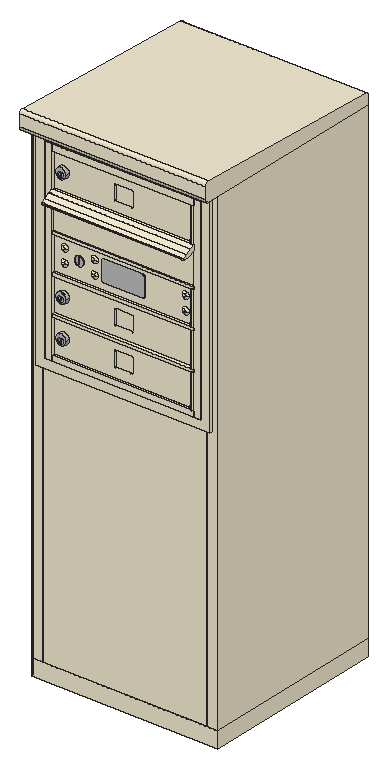
Revit family "Mailboxes_4C-Salsbury_Industries-Free_Standing-5_Door_High_Units", category Specialty Equipment, Revit 2016 (continued)
Definition of nested family "Mailboxes_4C-Salsbury_Industries-Front_Load-5_Door_High_Units"
  Definition of nested family "3700 Series 4C OM2 Configuration"
    Forms (in)
      Blend 8, solid, material <- "Front Panel Material", detail levels medium+fine
        from -0.11328 to 0
      Blend 9, solid, material <- "Front Panel Material", detail levels medium+fine
        base sketch origin (1.3125, -0.12695, 1.36923) x (-1, 0, 0) y (0, 0, 1)
          loop
            circle (4.202, -0.40977) r 0.15665
        top sketch origin (1.3125, -0.12695, 1.36923) x (-1, 0, 0) y (0, 0, 1)
          loop
            circle (4.202, -0.40977) r 0.3125
        from -0.11328 to 0
      Blend 10, solid, material <- "Front Panel Material", detail levels medium+fine
        base sketch origin (9.8895, -0.12695, 2.68123) x (-1, 0, 0) y (0, 0, 1)
          loop
            circle (4.202, -0.40977) r 0.15665
        top sketch origin (9.8895, -0.12695, 2.68123) x (-1, 0, 0) y (0, 0, 1)
          loop
            circle (4.202, -0.40977) r 0.3125
        from -0.11328 to 0
      Blend 11, solid, material <- "Front Panel Material", detail levels medium+fine
        base sketch origin (9.8895, -0.12695, 1.36923) x (-1, 0, 0) y (0, 0, 1)
          loop
            circle (4.202, -0.40977) r 0.15665
        top sketch origin (9.8895, -0.12695, 1.36923) x (-1, 0, 0) y (0, 0, 1)
          loop
            circle (4.202, -0.40977) r 0.3125
        from -0.11328 to 0
      Extrusion 12, solid, material <- "Lock Material"
        sketch origin (0, -0.12695, 0) x (-1, 0, 0) y (0, 0, 1)
          loop
            line (1.96028, 2.61547) -> (-1.64128, 2.61547)
            arc (-1.64128, 2.61547) -> (-1.78215, 2.55712) -> (-1.8405, 2.41625) r 0.19922
            line (-1.8405, 2.41625) -> (-1.8405, 0.81469)
            arc (-1.8405, 0.81469) -> (-1.78215, 0.67382) -> (-1.64128, 0.61547) r 0.19922
            line (-1.64128, 0.61547) -> (1.96028, 0.61547)
            arc (1.96028, 0.61547) -> (2.10115, 0.67382) -> (2.1595, 0.81469) r 0.19922
            line (2.1595, 0.81469) -> (2.1595, 2.41625)
            arc (2.1595, 2.41625) -> (2.10115, 2.55712) -> (1.96028, 2.61547) r 0.19922
        from 0 to -0.03906
      Extrusion 13, solid, material <- "Front Panel Material"
        sketch origin (-2.13946, 0, 3.50047) x (-1, 0, 0) y (0, -1, 0)
          loop
            line (4.54804, -0.12695) -> (4.54804, 0.31995) -> (-8.82696, 0.31995) -> (-8.82696, -0.12695) -> (4.54804, -0.12695)
        from 0 to 3.0094
      Extrusion 14, void
        sketch origin (0, -0.31995, 0) x (0, 0, -1) y (-1, 0, 0)
          loop
            arc (-5.67087, 5.0005) -> (-6.04587, 5.3755) -> (-6.42087, 5.0005) r 0.375
            line (-6.42087, 5.0005) -> (-6.42087, -5.0005)
            arc (-6.42087, -5.0005) -> (-6.04587, -5.3755) -> (-5.67087, -5.0005) r 0.375
            line (-5.67087, -5.0005) -> (-5.67087, 5.0005)
        from 0 to 0.44691
      Extrusion 15, solid, material <- "Front Panel Material"
        sketch origin (0, 0, 0) x (0, 1, 0) y (0, 0, 1)
          loop
            line (0.12695, 6.50987) -> (0.12695, 7.00047) -> (-0.46995, 7.00047) -> (-0.75605, 6.83078) -> (-0.73973, 6.80251) -> (-1.27431, 6.49388) -> (-1.29063, 6.52214) -> (-1.61027, 6.3376)
            arc (-1.61027, 6.3376) -> (-1.63087, 6.31111) -> (-1.62714, 6.27777) r 0.04454
            line (-1.62714, 6.27777) -> (-1.5282, 6.17883)
            arc (-1.5282, 6.17883) -> (-1.4937, 6.16211) -> (-1.4558, 6.15637) r 0.12791
            line (-1.4558, 6.15637) -> (-1.10623, 6.15637) -> (-0.49395, 6.50987) -> (0.12695, 6.50987)
        from -6.6875 to 6.6875
    Cuts and joins
      Extrusion 3 cuts Extrusion 1
      Extrusion 5 cuts Extrusion 4
      Extrusion 14 cuts Extrusion 13
    Lines and regions (in)
      symbolic lines
        curve 1: circle (-5.7025, -0.12695, 2.27147) r 0.3125 normal (0, 1, 0)
        curve 2: circle (-5.7025, -0.12695, 0.95947) r 0.3125 normal (0, 1, 0)
        curve 3: circle (-2.8895, -0.12695, 0.95947) r 0.3125 normal (0, 1, 0)
        curve 4: circle (-2.8895, -0.12695, 2.27147) r 0.3125 normal (0, 1, 0)
        curve 5: circle (-4.3275, -0.12695, 1.61523) r 0.42913 normal (0, 1, 0)
        curve 6: circle (5.6875, -0.12695, 0.95947) r 0.3125 normal (0, 1, 0)
        curve 7: circle (5.6875, -0.12695, 2.27147) r 0.3125 normal (0, 1, 0)
        curve 8: arc (-2.1595, -0.12695, 2.41625) -> (-2.10115, -0.12695, 2.55712) -> (-1.96028, -0.12695, 2.61547) r 0.19922
        curve 9: arc (1.8405, -0.12695, 2.41625) -> (1.78215, -0.12695, 2.55712) -> (1.64128, -0.12695, 2.61547) r 0.19922
        curve 10: arc (1.8405, -0.12695, 0.81469) -> (1.78215, -0.12695, 0.67382) -> (1.64128, -0.12695, 0.61547) r 0.19922
        curve 11: arc (-1.96028, -0.12695, 0.61547) -> (-2.10115, -0.12695, 0.67382) -> (-2.1595, -0.12695, 0.81469) r 0.19922
        curve 12: line (-2.1595, -0.12695, 0.81469) -> (-2.1595, -0.12695, 2.41625)
        curve 13: line (-1.96028, -0.12695, 2.61547) -> (1.64128, -0.12695, 2.61547)
        curve 14: line (1.8405, -0.12695, 2.41625) -> (1.8405, -0.12695, 0.81469)
        curve 15: line (1.64128, -0.12695, 0.61547) -> (-1.96028, -0.12695, 0.61547)
    Dimensions and locks (in)
      equal spacing: plane 6 "Back Face of Door", plane 1 "Center (Front/Back)", plane 7 "Front Face of Door"
      "Door Depth": plane 6 "Back Face of Door" to plane 7 "Front Face of Door"
      equal spacing: plane 4 "Left Side Face of Door", plane 3 "Center (Left/Right)", plane 5 "Right Side Face of Door"
      "Door Width": plane 4 "Left Side Face of Door" to plane 5 "Right Side Face of Door"
      plane 8 to level = 3.23047"
      equal spacing: plane 8, plane 9, level
      locked: plane 7 "Front Face of Door" to plane 10 at 0.343
      "Center Lock-Vertical": plane 4 "Left Side Face of Door" to plane 11 "Center Lock Vertical"
      "Center Lock-Horizontal": plane 8 to plane 12 "Center Lock Horizontal"
      locked: plane 14 "Divider Height Align" to plane 8 at 0.27
      plane 4 "Left Side Face of Door" to plane 16 "Left Stud Align" to plane 17 "Right Stud Align" = 0.985", 2.813"
      plane 8 to plane 18 "Top Stud Align" to plane 19 "Bottom Stud Align" = 0.959", 1.312"
      plane 20 "Hinge Stud Align" to plane 5 "Right Side Face of Door" = 1.000"
      plane 8 to plane 21 "Mail Plate Top" to plane 22 "Mail Plate Bottom" = 0.615", 2.000"
      plane 4 "Left Side Face of Door" to plane 23 to plane 24 = 4.528", 4.000"
      plane 27 "Top of Mail Drop Divider" to plane 26 "Top of Mail Drop Door" to plane 14 "Divider Height Align" = 0.26953" locked, 3.23047"
      "Door Height": plane 27 "Top of Mail Drop Divider" to level
      plane 28 "Face of Mail Drop" to plane 10 = 0.150"
      locked: plane 27 "Top of Mail Drop Divider" to plane 29 "Top of Mail Slot" at 0.5796
      locked: plane 29 "Top of Mail Slot" to plane 30 "Bottom of Mail Slot" at 0.75
      locked: plane 4 "Left Side Face of Door" to plane 31 "Left Edge of Mail Slot" at 1.312
      locked: plane 32 "Right Edge of Mail Slot" to plane 5 "Right Side Face of Door" at 1.312
      locked: plane 33 "Mail Slot Bottom Protusion" to plane 29 "Top of Mail Slot" at 0.089
      plane 28 "Face of Mail Drop" to plane 34 = 0.174"
      plane 33 "Mail Slot Bottom Protusion" to plane 35 = 0.3535"
      plane 28 "Face of Mail Drop" to plane 36 "Front of Awning" = 1.315"
      plane 4 "Left Side Face of Door" to plane 5 "Right Side Face of Door" = 13.375"
      plane 6 "Back Face of Door" to plane 36 "Front of Awning" = 1.76191"
      "Access Lock Offset": plane 39 "Access Lock Offset" to plane 6 "Back Face of Door"
      aligned and locked: level to plane 2 "Bottom of Door"
      aligned and locked: plane 4 "Left Side Face of Door" to Extrusion 1
      aligned and locked: plane 6 "Back Face of Door" to Extrusion 1
      aligned and locked: plane 7 "Front Face of Door" to Extrusion 1
      aligned and locked: Extrusion 1 to level
      aligned and locked: plane 8 to Extrusion 1
      aligned and locked: Extrusion 2 sketch curve to plane 4 "Left Side Face of Door"
      aligned and locked: Extrusion 2 sketch curve to plane 6 "Back Face of Door"
      aligned and locked: plane 5 "Right Side Face of Door" to Extrusion 2 sketch curve
      aligned and locked: Extrusion 2 to plane 8
      aligned and locked: plane 10 to Extrusion 2 sketch curve
      aligned and locked: plane 14 "Divider Height Align" to Extrusion 2
      aligned and locked: plane 4 "Left Side Face of Door" to Extrusion 2
      aligned and locked: Extrusion 2 to plane 5 "Right Side Face of Door"
      aligned and locked: Extrusion 13 to plane 28 "Face of Mail Drop"
      aligned and locked: plane 29 "Top of Mail Slot" to Extrusion 14 sketch curve
      aligned and locked: cut or joined group of Extrusion 13, Extrusion 14 to cut or joined group of Extrusion 13, Extrusion 14
      aligned and locked: cut or joined group of Extrusion 1, Extrusion 3 to plane 2 "Bottom of Door"
    Automatic sketch dimensions
      Extrusion 1 sketch curve to plane 4 "Left Side Face of Door" = 0.000"
      Extrusion 1 sketch curve to plane 6 "Back Face of Door" = 0.000"
      Extrusion 1 sketch curve to plane 7 "Front Face of Door" = 0.000"
      Extrusion 1 sketch curve to plane 5 "Right Side Face of Door" = 0.000"
      Extrusion 1 sketch curve to plane 4 "Left Side Face of Door" = 0.252"
      Extrusion 1 sketch curve to plane 20 "Hinge Stud Align" = 0.36875"
      Extrusion 1 sketch curve to plane 25 "Face of Mail Plate" = 0.07029"
      plane 5 "Right Side Face of Door" to Extrusion 1 sketch curve = 0.195"
      Extrusion 1 sketch curve to plane 25 "Face of Mail Plate" = 0.10562"
      Extrusion 1 sketch curve to plane 13 "Face of Lock" = 0.07658"
      plane 1 "Center (Front/Back)" to Extrusion 1 sketch curve = 0.05445"
      Extrusion 1 sketch curve to plane 13 "Face of Lock" = 0.12063"
      Extrusion 5 sketch curve to plane 11 "Center Lock Vertical" = 0.0293"
      plane 11 "Center Lock Vertical" to Extrusion 5 sketch curve = 0.0293"
      Extrusion 5 sketch curve to plane 9 = 0.30959"
      plane 9 to Extrusion 5 sketch curve = 0.30959"
      plane 16 "Left Stud Align" to Blend 6 sketch curve = 0.000"  (x2)
      Blend 6 sketch curve to plane 18 "Top Stud Align" = 0.000"  (x2)
      plane 17 "Right Stud Align" to Blend 7 sketch curve = 0.000"  (x2)
      Blend 7 sketch curve to plane 18 "Top Stud Align" = 0.000"  (x2)
      plane 16 "Left Stud Align" to Blend 8 sketch curve = 0.000"  (x2)
      Blend 8 sketch curve to plane 19 "Bottom Stud Align" = 0.000"  (x2)
      plane 17 "Right Stud Align" to Blend 9 sketch curve = 0.000"  (x2)
      Blend 9 sketch curve to plane 19 "Bottom Stud Align" = 0.000"  (x2)
      Blend 10 sketch curve to plane 18 "Top Stud Align" = 0.000"  (x2)
      plane 20 "Hinge Stud Align" to Blend 10 sketch curve = 0.000"  (x2)
      Blend 11 sketch curve to plane 19 "Bottom Stud Align" = 0.000"  (x2)
      plane 20 "Hinge Stud Align" to Blend 11 sketch curve = 0.000"  (x2)
      plane 24 to Extrusion 12 sketch curve = 0.000"
      Extrusion 12 sketch curve to plane 22 "Mail Plate Bottom" = 0.000"
      Extrusion 12 sketch curve to plane 21 "Mail Plate Top" = 0.000"
      plane 23 to Extrusion 12 sketch curve = 0.000"
      plane 24 to Extrusion 12 sketch curve = 0.19922"  (x2)
      plane 18 "Top Stud Align" to Extrusion 12 sketch curve = 0.14478"
      Extrusion 12 sketch curve to plane 23 = 0.19922"
      Extrusion 13 sketch curve to plane 5 "Right Side Face of Door" = 0.000"
      Extrusion 13 sketch curve to plane 4 "Left Side Face of Door" = 0.000"
      Extrusion 13 sketch curve to plane 6 "Back Face of Door" = 0.000"
      Extrusion 13 sketch curve to plane 7 "Front Face of Door" = 0.193"
      Extrusion 14 sketch curve to plane 30 "Bottom of Mail Slot" = 0.000"
      plane 32 "Right Edge of Mail Slot" to Extrusion 14 sketch curve = 0.375"
      Extrusion 14 sketch curve to plane 31 "Left Edge of Mail Slot" = 0.375"
      Extrusion 15 sketch curve to plane 35 = 0.000"
      Extrusion 15 sketch curve to plane 33 "Mail Slot Bottom Protusion" = 0.000"
      Extrusion 15 sketch curve to plane 34 = 0.000"
      Extrusion 15 sketch curve to plane 27 "Top of Mail Drop Divider" = 0.000"
      Extrusion 15 sketch curve to plane 6 "Back Face of Door" = 0.000"
      plane 26 "Top of Mail Drop Door" to Extrusion 15 sketch curve = 0.07158"
      Extrusion 15 sketch curve to plane 34 = 0.24578"
      plane 26 "Top of Mail Drop Door" to Extrusion 15 sketch curve = 0.09984"
      Extrusion 15 sketch curve to Extrusion 15 sketch curve = 0.01632"
      plane 37 to Extrusion 15 sketch curve = 0.05062"
      Extrusion 15 sketch curve to plane 33 "Mail Slot Bottom Protusion" = 0.01599"
      plane 33 "Mail Slot Bottom Protusion" to Extrusion 15 sketch curve = 0.01227"
      plane 36 "Front of Awning" to Extrusion 15 sketch curve = 0.17915"
      plane 35 to Extrusion 15 sketch curve = 0.02246"
      Extrusion 15 sketch curve to Extrusion 15 sketch curve = 0.0724"
      plane 36 "Front of Awning" to Extrusion 15 sketch curve = 0.04696"
      plane 36 "Front of Awning" to Extrusion 15 sketch curve = 0.02469"
      plane 36 "Front of Awning" to Extrusion 15 sketch curve = 0.00781"
      Extrusion 15 sketch curve to Extrusion 15 sketch curve = 0.05983"
      Extrusion 4 sketch curve to plane 9 = 0.000"
      plane 11 "Center Lock Vertical" to Extrusion 4 sketch curve = 0.000"
      Extrusion 3 sketch curve to plane 9 = 0.000"
      plane 11 "Center Lock Vertical" to Extrusion 3 sketch curve = 0.000"
      curve 6 to plane 19 "Bottom Stud Align" = 0.000"
      plane 20 "Hinge Stud Align" to curve 6 = 0.000"
      curve 7 to plane 18 "Top Stud Align" = 0.000"
      plane 20 "Hinge Stud Align" to curve 7 = 0.000"
      plane 24 to curve 14 = 0.000"
      curve 9 to plane 21 "Mail Plate Top" = 0.000"
      curve 11 to plane 22 "Mail Plate Bottom" = 0.000"
      plane 23 to curve 12 = 0.000"
      plane 17 "Right Stud Align" to curve 4 = 0.000"
      plane 17 "Right Stud Align" to curve 3 = 0.000"
      curve 5 to plane 9 = 0.000"
      plane 11 "Center Lock Vertical" to curve 5 = 0.000"
      plane 16 "Left Stud Align" to curve 1 = 0.000"
      plane 16 "Left Stud Align" to curve 2 = 0.000"
      curve 2 to plane 19 "Bottom Stud Align" = 0.000"
      curve 3 to plane 19 "Bottom Stud Align" = 0.000"
      curve 1 to plane 18 "Top Stud Align" = 0.000"
      curve 4 to plane 18 "Top Stud Align" = 0.000"
      plane 18 "Top Stud Align" to curve 9 = 0.14478"
      curve 10 to plane 19 "Bottom Stud Align" = 0.14478"
      plane 18 "Top Stud Align" to curve 8 = 0.14478"
      curve 11 to plane 19 "Bottom Stud Align" = 0.14478"
      radius of Blend 6 sketch curve = 0.15665"
      radius of Blend 6 sketch curve = 0.3125"
      radius of Blend 7 sketch curve = 0.15665"
      radius of Blend 7 sketch curve = 0.3125"
      radius of Blend 8 sketch curve = 0.15665"
      radius of Blend 8 sketch curve = 0.3125"
      radius of Blend 9 sketch curve = 0.15665"
      radius of Blend 9 sketch curve = 0.3125"
      radius of Blend 10 sketch curve = 0.15665"
      radius of Blend 10 sketch curve = 0.3125"
      radius of Blend 11 sketch curve = 0.15665"
      radius of Blend 11 sketch curve = 0.3125"
      radius of Extrusion 4 sketch curve = 0.42913"
      radius of Extrusion 3 sketch curve = 0.4375"
      radius of curve 1 = 0.3125"
      radius of curve 2 = 0.3125"
      radius of curve 3 = 0.3125"
      radius of curve 4 = 0.3125"
      radius of curve 5 = 0.42913"
      radius of curve 6 = 0.3125"
      radius of curve 7 = 0.3125"
Types (7): name | Width | Model | Door Slot R5 Number | Door Slot R4 Number | Door Slot R1 Number | Door Slot L5 Number | Door Slot L4 Number | Door Slot L3 Number | Door Slot L2 Number | Door Slot L1 Number | Description | 4C Unit
  3905S-03 | 17.496" | "3905S-03" | "3" | "2" | "1" | "0" | "0" | "0" | "0" | "0" | "5 Door High Unit:  3 MB1, OM2" | Mailboxes_4C-Salsbury_Industries-Front_Load-5_Door_High_Units : 3705S-03 FL
  3905D-08 | 32.250" | "3905D-08" | "8" | "7" | "6" | "5" | "4" | "3" | "2" | "1" | "5 Door High Unit:  8 MB1, OM2" | Mailboxes_4C-Salsbury_Industries-Front_Load-5_Door_High_Units : 3705D-08 FL
  3905D-07 | 32.250" | "3905D-07" | "7" | "0" | "6" | "5" | "4" | "3" | "2" | "1" | "5 Door High Unit:  7 MB1, OM3" | Mailboxes_4C-Salsbury_Industries-Front_Load-5_Door_High_Units : 3705D-07 FL
  3905D-03 | 32.250" | "3905D-03" | "3" | "2" | "1" | "1P" | "0" | "0" | "0" | "0" | "5 Door High Unit:  3 MB1, 1 PL5, OM2" | Mailboxes_4C-Salsbury_Industries-Front_Load-5_Door_High_Units : 3705D-03 FL
  3905D-01 | 32.250" | "3905D-01" | "1" | "0" | "0" | "1P" | "0" | "0" | "0" | "0" | "5 Door High Unit:  1 MB3, 1 PL5, OM2" | Mailboxes_4C-Salsbury_Industries-Front_Load-5_Door_High_Units : 3705D-01 FL
  3905D-2P | 32.250" | "3905D-2P" | "2P" | "0" | "0" | "1P" | "0" | "0" | "0" | "0" | "5 Door High Unit:  2 PL5" | Mailboxes_4C-Salsbury_Industries-Front_Load-5_Door_High_Units : 3705D-2P FL
  3905S-1P | 17.496" | "3905S-1P" | "1P" | "0" | "0" | "0" | "0" | "0" | "0" | "0" | "5 Door High Unit:  1 PL5" | Mailboxes_4C-Salsbury_Industries-Front_Load-5_Door_High_Units : 3705S-1P FL
